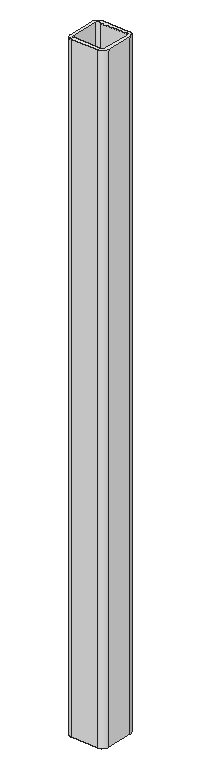
Revit family "M_CEV-Corte da estrutura vazado-Coluna", category Pilares estruturais, Revit 2019
Family settings
  Forma do corte = Não definido
  Material para o comportamento do modelo = Aço
  Exportar sempre como geometria = Não
  Redução da viga na planta = Da caixa de vinculação
  Número OmniClass = 23.25.30.11.14.11
  Título OmniClass = Columns
  ID de item do Seek = HSS-Hollow Structural Section-Column-0000-CAN-ENU
  Corte com vazios quando carregada = Não
  Representação simbólica = Das configurações de projeto
  Compartilhado = Não
  Exibir o pré-corte da família na vista da planta = Sim
Parameters (values of type "HSS152.4X152.4X12.7")
  W = 0.512
  Structural Material [instance] = Aço, 45-345
  Assembly Code = ""
  Ht = 152 mm
  Forma = "Quadrado"
  b = 152 mm
  kr = 2 * t  # 23.6 mm
  t = 11.8 mm
  A = 0.006 m²
Types (2, lengths in mm): name | W | Ht | b | kr | t | A
  HSS152.4X152.4X12.7 | 0.512 | 152 | 152 | 23.6 | 11.8 | 0.006 m²
  HSS203.2X203.2X9.5 | 0.549 | 203 | 203 | 17.8 | 8.9 | 0.00669 m²
Reference planes
  plane 1 "Centro (Frente/Trás)": y = 0
  plane 2: z = 0
  plane 3 "Centro (Esquerda/Direita)": x = 0
  plane 4: x = -76
  plane 5: x = 76
  plane 6: y = 76
  plane 7: y = -76
  plane 8: x = -52.4
  plane 9: y = -52.4
  plane 10: y = 52.4
  plane 11: x = 52.4
Forms (mm)
  Extrusion 1, solid, material "Aço, 45-345" <- "Structural Material", detail levels medium
    sketch origin (0, 0, 0) x (1, 0, 0) y (0, 1, 0)
      loop
        line (-76, 76) -> (-76, -76) -> (76, -76) -> (76, 76) -> (-76, 76)
      loop
        line (-64.2, 64.2) -> (-64.2, -64.2) -> (64.2, -64.2) -> (64.2, 64.2) -> (-64.2, 64.2)
    from 0 to 2500
  Extrusion 2, solid, material "Aço, 45-345" <- "Structural Material", detail levels fine
    sketch origin (0, 0, 0) x (1, 0, 0) y (0, 1, 0)
      loop
        arc (-52.4, 76) -> (-69.088, 69.088) -> (-76, 52.4) r 23.6
        line (-76, 52.4) -> (-76, -52.4)
        arc (-76, -52.4) -> (-69.088, -69.088) -> (-52.4, -76) r 23.6
        line (-52.4, -76) -> (52.4, -76)
        arc (52.4, -76) -> (69.088, -69.088) -> (76, -52.4) r 23.6
        line (76, -52.4) -> (76, 52.4)
        arc (76, 52.4) -> (69.088, 69.088) -> (52.4, 76) r 23.6
        line (52.4, 76) -> (-52.4, 76)
      loop
        arc (-52.4, 64.2) -> (-60.744, 60.744) -> (-64.2, 52.4) r 11.8
        line (-64.2, 52.4) -> (-64.2, -52.4)
        arc (-64.2, -52.4) -> (-60.744, -60.744) -> (-52.4, -64.2) r 11.8
        line (-52.4, -64.2) -> (52.4, -64.2)
        arc (52.4, -64.2) -> (60.744, -60.744) -> (64.2, -52.4) r 11.8
        line (64.2, -52.4) -> (64.2, 52.4)
        arc (64.2, 52.4) -> (60.744, 60.744) -> (52.4, 64.2) r 11.8
        line (52.4, 64.2) -> (-52.4, 64.2)
    from 0 to 2500
Lines and regions (mm)
  symbolic lines, style "StructuralColumnStickSymbols", detail levels coarse
    curve 1: line (-76, 76, 0) -> (76, 76, 0)
    curve 2: line (-76, -76, 0) -> (76, -76, 0)
    curve 5: line (-76, 76, 0) -> (-76, -76, 0)
    curve 6: line (76, 76, 0) -> (76, -76, 0)
  symbolic lines, style "Faces ocultas", detail levels medium+fine
    curve 3: line (-64.2, 0, 0) -> (-64.2, 0, 2500)
    curve 4: line (64.2, 0, 2500) -> (64.2, 0, 0)
    curve 7: line (0, 64.2, 0) -> (0, 64.2, 2500)
    curve 8: line (0, -64.2, 0) -> (0, -64.2, 2500)
Dimensions and locks
  equal spacing: plane 4, plane 3 "Centro (Esquerda/Direita)", plane 5
  equal spacing: plane 7, plane 1 "Centro (Frente/Trás)", plane 6
  "Ht": plane 7 to plane 6
  "b": plane 4 to plane 5
  "t": Extrusion 1 sketch curve to plane 5
  "t": plane 4 to Extrusion 1 sketch curve
  "t": Extrusion 1 sketch curve to plane 6
  "t": Extrusion 1 sketch curve to plane 7
  "t": Extrusion 2 sketch curve to plane 6
  "t": Extrusion 2 sketch curve to plane 5
  "t": plane 4 to Extrusion 2 sketch curve
  "t": Extrusion 2 sketch curve to plane 7
  "kr": plane 10 to plane 6
  "kr": plane 7 to plane 9
  "kr": plane 11 to plane 5
  "kr": plane 4 to plane 8
  aligned and locked: plane 6 to Extrusion 1 sketch curve
  aligned and locked: Extrusion 1 sketch curve to plane 7
  aligned and locked: Extrusion 1 sketch curve to plane 4
  aligned and locked: plane 5 to Extrusion 1 sketch curve
  aligned and locked: level to Extrusion 1
  aligned and locked: level to plane 2
  aligned and locked: Extrusion 1 to plane 2
  aligned and locked: curve 1 to Extrusion 2 sketch curve
  aligned and locked: Extrusion 2 sketch curve to Extrusion 1
  aligned and locked: level to Extrusion 2
  aligned and locked: curve 4 to Extrusion 2
  aligned and locked: curve 3 to Extrusion 2
  aligned and locked: Extrusion 2 to curve 7  (x2)
  aligned and locked: Extrusion 2 to curve 8  (x2)
  aligned and locked: curve 7 to Extrusion 1
  aligned and locked: curve 8 to Extrusion 1
Automatic sketch dimensions
  Extrusion 2 sketch curve to plane 8 = 0 mm  (x4)
  Extrusion 2 sketch curve to plane 7 = 0 mm
  Extrusion 2 sketch curve to plane 11 = 0 mm
  Extrusion 2 sketch curve to plane 10 = 0 mm  (x2)
  Extrusion 2 sketch curve to plane 9 = 0 mm  (x2)
  curve 3 to level = 0 mm  (x2)
  curve 4 to level = 0 mm  (x2)
  curve 5 to plane 4 = 0 mm
  curve 2 to plane 5 = 0 mm
  curve 5 to plane 7 = 0 mm
  curve 5 to plane 6 = 0 mm
Types in the file's own list only (331): name | W | Ht | Forma | b | kr | t | A
  HSS508X304.8X15.9 | 1.86 | 508 mm | "Retângulo" | 305 mm | 30 mm | 15 mm | 0.02 m²
  HSS508X304.8X12.7 | 1.51 | 508 mm | "Retângulo" | 305 mm | 24 mm | 12 mm | 0.02 m²
  HSS508X304.8X9.5 | 1.14 | 508 mm | "Retângulo" | 305 mm | 18 mm | 9 mm | 0.01 m²
  HSS508X304.8X7.9 | 0.961 | 508 mm | "Retângulo" | 305 mm | 15 mm | 7 mm | 0.01 m²
  HSS508X203.2X15.9 | 1.61 | 508 mm | "Retângulo" | 203 mm | 30 mm | 15 mm | 0.02 m²
  HSS508X203.2X12.7 | 1.31 | 508 mm | "Retângulo" | 203 mm | 24 mm | 12 mm | 0.02 m²
  HSS508X203.2X9.5 | 0.996 | 508 mm | "Retângulo" | 203 mm | 18 mm | 9 mm | 0.01 m²
  HSS508X203.2X7.9 | 0.836 | 508 mm | "Retângulo" | 203 mm | 15 mm | 7 mm | 0.01 m²
  HSS508X101.6X12.7 | 1.11 | 508 mm | "Retângulo" | 102 mm | 24 mm | 12 mm | 0.01 m²
  HSS508X101.6X9.5 | 0.847 | 508 mm | "Retângulo" | 102 mm | 18 mm | 9 mm | 0.01 m²
  HSS508X101.6X7.9 | 0.712 | 508 mm | "Retângulo" | 102 mm | 15 mm | 7 mm | 0.01 m²
  HSS457.2X304.8X15.9 | 1.73 | 457 mm | "Retângulo" | 305 mm | 30 mm | 15 mm | 0.02 m²
  HSS457.2X304.8X12.7 | 1.41 | 457 mm | "Retângulo" | 305 mm | 24 mm | 12 mm | 0.02 m²
  HSS457.2X304.8X9.5 | 1.07 | 457 mm | "Retângulo" | 305 mm | 18 mm | 9 mm | 0.01 m²
  HSS457.2X152.4X15.9 | 1.36 | 457 mm | "Retângulo" | 152 mm | 30 mm | 15 mm | 0.02 m²
  HSS457.2X152.4X12.7 | 1.11 | 457 mm | "Retângulo" | 152 mm | 24 mm | 12 mm | 0.01 m²
  HSS457.2X152.4X9.5 | 0.847 | 457 mm | "Retângulo" | 152 mm | 18 mm | 9 mm | 0.01 m²
  HSS457.2X152.4X7.9 | 0.712 | 457 mm | "Retângulo" | 152 mm | 15 mm | 7 mm | 0.01 m²
  HSS457.2X152.4X6.4 | 0.575 | 457 mm | "Retângulo" | 152 mm | 12 mm | 6 mm | 0.01 m²
  HSS406.4X406.4X15.9 | 1.86 | 406 mm | "Quadrado" | 406 mm | 30 mm | 15 mm | 0.02 m²
  HSS406.4X406.4X12.7 | 1.51 | 406 mm | "Quadrado" | 406 mm | 24 mm | 12 mm | 0.02 m²
  HSS406.4X406.4X9.5 | 1.14 | 406 mm | "Quadrado" | 406 mm | 18 mm | 9 mm | 0.01 m²
  HSS406.4X406.4X7.9 | 0.961 | 406 mm | "Quadrado" | 406 mm | 15 mm | 7 mm | 0.01 m²
  HSS406.4X304.8X15.9 | 1.61 | 406 mm | "Retângulo" | 305 mm | 30 mm | 15 mm | 0.02 m²
  HSS406.4X304.8X12.7 | 1.31 | 406 mm | "Retângulo" | 305 mm | 24 mm | 12 mm | 0.02 m²
  HSS406.4X304.8X9.5 | 0.996 | 406 mm | "Retângulo" | 305 mm | 18 mm | 9 mm | 0.01 m²
  HSS406.4X304.8X7.9 | 0.836 | 406 mm | "Retângulo" | 305 mm | 15 mm | 7 mm | 0.01 m²
  HSS406.4X203.2X15.9 | 1.36 | 406 mm | "Retângulo" | 203 mm | 30 mm | 15 mm | 0.02 m²
  HSS406.4X203.2X12.7 | 1.11 | 406 mm | "Retângulo" | 203 mm | 24 mm | 12 mm | 0.01 m²
  HSS406.4X203.2X9.5 | 0.847 | 406 mm | "Retângulo" | 203 mm | 18 mm | 9 mm | 0.01 m²
  HSS406.4X203.2X7.9 | 0.712 | 406 mm | "Retângulo" | 203 mm | 15 mm | 7 mm | 0.01 m²
  HSS406.4X101.6X12.7 | 0.91 | 406 mm | "Retângulo" | 102 mm | 24 mm | 12 mm | 0.01 m²
  HSS406.4X101.6X9.5 | 0.698 | 406 mm | "Retângulo" | 102 mm | 18 mm | 9 mm | 0.01 m²
  HSS406.4X101.6X7.9 | 0.588 | 406 mm | "Retângulo" | 102 mm | 15 mm | 7 mm | 0.01 m²
  HSS355.6X355.6X15.9 | 1.61 | 356 mm | "Quadrado" | 356 mm | 30 mm | 15 mm | 0.02 m²
  HSS355.6X355.6X12.7 | 1.31 | 356 mm | "Quadrado" | 356 mm | 24 mm | 12 mm | 0.02 m²
  HSS355.6X355.6X9.5 | 0.996 | 356 mm | "Quadrado" | 356 mm | 18 mm | 9 mm | 0.01 m²
  HSS355.6X355.6X7.9 | 0.836 | 356 mm | "Quadrado" | 356 mm | 15 mm | 7 mm | 0.01 m²
  HSS355.6X304.8X12.7 | 1.21 | 356 mm | "Retângulo" | 305 mm | 24 mm | 12 mm | 0.01 m²
  HSS355.6X304.8X9.5 | 0.921 | 356 mm | "Retângulo" | 305 mm | 18 mm | 9 mm | 0.01 m²
  HSS355.6X254X15.9 | 1.36 | 356 mm | "Retângulo" | 254 mm | 30 mm | 15 mm | 0.02 m²
  HSS355.6X254X12.7 | 1.11 | 356 mm | "Retângulo" | 254 mm | 24 mm | 12 mm | 0.01 m²
  HSS355.6X254X9.5 | 0.847 | 356 mm | "Retângulo" | 254 mm | 18 mm | 9 mm | 0.01 m²
  HSS355.6X254X7.9 | 0.712 | 356 mm | "Retângulo" | 254 mm | 15 mm | 7 mm | 0.01 m²
  HSS355.6X254X6.4 | 0.575 | 356 mm | "Retângulo" | 254 mm | 12 mm | 6 mm | 0.01 m²
  HSS355.6X152.4X15.9 | 1.11 | 356 mm | "Retângulo" | 152 mm | 30 mm | 15 mm | 0.01 m²
  HSS355.6X152.4X12.7 | 0.91 | 356 mm | "Retângulo" | 152 mm | 24 mm | 12 mm | 0.01 m²
  HSS355.6X152.4X9.5 | 0.698 | 356 mm | "Retângulo" | 152 mm | 18 mm | 9 mm | 0.01 m²
  HSS355.6X152.4X7.9 | 0.588 | 356 mm | "Retângulo" | 152 mm | 15 mm | 7 mm | 0.01 m²
  HSS355.6X152.4X6.4 | 0.476 | 356 mm | "Retângulo" | 152 mm | 12 mm | 6 mm | 0.01 m²
  HSS355.6X152.4X4.8 | 0.361 | 356 mm | "Retângulo" | 152 mm | 9 mm | 4 mm | 0.00 m²
  HSS355.6X101.6X15.9 | 0.987 | 356 mm | "Retângulo" | 102 mm | 30 mm | 15 mm | 0.01 m²
  HSS355.6X101.6X12.7 | 0.81 | 356 mm | "Retângulo" | 102 mm | 24 mm | 12 mm | 0.01 m²
  HSS355.6X101.6X9.5 | 0.623 | 356 mm | "Retângulo" | 102 mm | 18 mm | 9 mm | 0.01 m²
  HSS355.6X101.6X7.9 | 0.526 | 356 mm | "Retângulo" | 102 mm | 15 mm | 7 mm | 0.01 m²
  HSS355.6X101.6X6.4 | 0.426 | 356 mm | "Retângulo" | 102 mm | 12 mm | 6 mm | 0.01 m²
  HSS355.6X101.6X4.8 | 0.323 | 356 mm | "Retângulo" | 102 mm | 9 mm | 4 mm | 0.00 m²
  HSS304.8X304.8X15.9 | 1.36 | 305 mm | "Quadrado" | 305 mm | 30 mm | 15 mm | 0.02 m²
  HSS304.8X304.8X12.7 | 1.11 | 305 mm | "Quadrado" | 305 mm | 24 mm | 12 mm | 0.01 m²
  HSS304.8X304.8X9.5 | 0.847 | 305 mm | "Quadrado" | 305 mm | 18 mm | 9 mm | 0.01 m²
  HSS304.8X304.8X7.9 | 0.712 | 305 mm | "Quadrado" | 305 mm | 15 mm | 7 mm | 0.01 m²
  HSS304.8X304.8X6.4 | 0.575 | 305 mm | "Quadrado" | 305 mm | 12 mm | 6 mm | 0.01 m²
  HSS304.8X254X12.7 | 1.01 | 305 mm | "Retângulo" | 254 mm | 24 mm | 12 mm | 0.01 m²
  HSS304.8X254X9.5 | 0.772 | 305 mm | "Retângulo" | 254 mm | 18 mm | 9 mm | 0.01 m²
  HSS304.8X254X7.9 | 0.65 | 305 mm | "Retângulo" | 254 mm | 15 mm | 7 mm | 0.01 m²
  HSS304.8X254X6.4 | 0.525 | 305 mm | "Retângulo" | 254 mm | 12 mm | 6 mm | 0.01 m²
  HSS304.8X203.2X15.9 | 1.11 | 305 mm | "Retângulo" | 203 mm | 30 mm | 15 mm | 0.01 m²
  HSS304.8X203.2X12.7 | 0.91 | 305 mm | "Retângulo" | 203 mm | 24 mm | 12 mm | 0.01 m²
  HSS304.8X203.2X9.5 | 0.698 | 305 mm | "Retângulo" | 203 mm | 18 mm | 9 mm | 0.01 m²
  HSS304.8X203.2X7.9 | 0.588 | 305 mm | "Retângulo" | 203 mm | 15 mm | 7 mm | 0.01 m²
  HSS304.8X203.2X6.4 | 0.476 | 305 mm | "Retângulo" | 203 mm | 12 mm | 6 mm | 0.01 m²
  HSS304.8X203.2X4.8 | 0.361 | 305 mm | "Retângulo" | 203 mm | 9 mm | 4 mm | 0.00 m²
  HSS304.8X152.4X15.9 | 0.987 | 305 mm | "Retângulo" | 152 mm | 30 mm | 15 mm | 0.01 m²
  HSS304.8X152.4X12.7 | 0.81 | 305 mm | "Retângulo" | 152 mm | 24 mm | 12 mm | 0.01 m²
  HSS304.8X152.4X9.5 | 0.623 | 305 mm | "Retângulo" | 152 mm | 18 mm | 9 mm | 0.01 m²
  HSS304.8X152.4X7.9 | 0.526 | 305 mm | "Retângulo" | 152 mm | 15 mm | 7 mm | 0.01 m²
  HSS304.8X152.4X6.4 | 0.426 | 305 mm | "Retângulo" | 152 mm | 12 mm | 6 mm | 0.01 m²
  HSS304.8X152.4X4.8 | 0.323 | 305 mm | "Retângulo" | 152 mm | 9 mm | 4 mm | 0.00 m²
  HSS304.8X101.6X15.9 | 0.863 | 305 mm | "Retângulo" | 102 mm | 30 mm | 15 mm | 0.01 m²
  HSS304.8X101.6X12.7 | 0.711 | 305 mm | "Retângulo" | 102 mm | 24 mm | 12 mm | 0.01 m²
  HSS304.8X101.6X9.5 | 0.549 | 305 mm | "Retângulo" | 102 mm | 18 mm | 9 mm | 0.01 m²
  HSS304.8X101.6X7.9 | 0.464 | 305 mm | "Retângulo" | 102 mm | 15 mm | 7 mm | 0.01 m²
  HSS304.8X101.6X6.4 | 0.376 | 305 mm | "Retângulo" | 102 mm | 12 mm | 6 mm | 0.00 m²
  HSS304.8X101.6X4.8 | 0.286 | 305 mm | "Retângulo" | 102 mm | 9 mm | 4 mm | 0.00 m²
  HSS304.8X88.9X9.5 | 0.53 | 305 mm | "Retângulo" | 89 mm | 18 mm | 9 mm | 0.01 m²
  HSS304.8X88.9X7.9 | 0.448 | 305 mm | "Retângulo" | 89 mm | 15 mm | 7 mm | 0.01 m²
  HSS304.8X76.2X7.9 | 0.433 | 305 mm | "Retângulo" | 76 mm | 15 mm | 7 mm | 0.01 m²
  HSS304.8X76.2X6.4 | 0.352 | 305 mm | "Retângulo" | 76 mm | 12 mm | 6 mm | 0.00 m²
  HSS304.8X76.2X4.8 | 0.268 | 305 mm | "Retângulo" | 76 mm | 9 mm | 4 mm | 0.00 m²
  HSS304.8X50.8X6.4 | 0.327 | 305 mm | "Retângulo" | 51 mm | 12 mm | 6 mm | 0.00 m²
  HSS304.8X50.8X4.8 | 0.249 | 305 mm | "Retângulo" | 51 mm | 9 mm | 4 mm | 0.00 m²
  HSS254X254X15.9 | 1.11 | 254 mm | "Quadrado" | 254 mm | 30 mm | 15 mm | 0.01 m²
  HSS254X254X12.7 | 0.91 | 254 mm | "Quadrado" | 254 mm | 24 mm | 12 mm | 0.01 m²
  HSS254X254X9.5 | 0.698 | 254 mm | "Quadrado" | 254 mm | 18 mm | 9 mm | 0.01 m²
  HSS254X254X7.9 | 0.588 | 254 mm | "Quadrado" | 254 mm | 15 mm | 7 mm | 0.01 m²
  HSS254X254X6.4 | 0.476 | 254 mm | "Quadrado" | 254 mm | 12 mm | 6 mm | 0.01 m²
  HSS254X254X4.8 | 0.361 | 254 mm | "Quadrado" | 254 mm | 9 mm | 4 mm | 0.00 m²
  HSS254X203.2X12.7 | 0.81 | 254 mm | "Retângulo" | 203 mm | 24 mm | 12 mm | 0.01 m²
  HSS254X203.2X9.5 | 0.623 | 254 mm | "Retângulo" | 203 mm | 18 mm | 9 mm | 0.01 m²
  HSS254X203.2X7.9 | 0.526 | 254 mm | "Retângulo" | 203 mm | 15 mm | 7 mm | 0.01 m²
  HSS254X203.2X6.4 | 0.426 | 254 mm | "Retângulo" | 203 mm | 12 mm | 6 mm | 0.01 m²
  HSS254X203.2X4.8 | 0.323 | 254 mm | "Retângulo" | 203 mm | 9 mm | 4 mm | 0.00 m²
  HSS254X152.4X15.9 | 0.863 | 254 mm | "Retângulo" | 152 mm | 30 mm | 15 mm | 0.01 m²
  HSS254X152.4X12.7 | 0.711 | 254 mm | "Retângulo" | 152 mm | 24 mm | 12 mm | 0.01 m²
  HSS254X152.4X9.5 | 0.549 | 254 mm | "Retângulo" | 152 mm | 18 mm | 9 mm | 0.01 m²
  HSS254X152.4X7.9 | 0.464 | 254 mm | "Retângulo" | 152 mm | 15 mm | 7 mm | 0.01 m²
  HSS254X152.4X6.4 | 0.376 | 254 mm | "Retângulo" | 152 mm | 12 mm | 6 mm | 0.00 m²
  HSS254X152.4X4.8 | 0.286 | 254 mm | "Retângulo" | 152 mm | 9 mm | 4 mm | 0.00 m²
  HSS254X127X9.5 | 0.512 | 254 mm | "Retângulo" | 127 mm | 18 mm | 9 mm | 0.01 m²
  HSS254X127X7.9 | 0.433 | 254 mm | "Retângulo" | 127 mm | 15 mm | 7 mm | 0.01 m²
  HSS254X127X6.4 | 0.352 | 254 mm | "Retângulo" | 127 mm | 12 mm | 6 mm | 0.00 m²
  HSS254X127X4.8 | 0.268 | 254 mm | "Retângulo" | 127 mm | 9 mm | 4 mm | 0.00 m²
  HSS254X101.6X15.9 | 0.738 | 254 mm | "Retângulo" | 102 mm | 30 mm | 15 mm | 0.01 m²
  HSS254X101.6X12.7 | 0.612 | 254 mm | "Retângulo" | 102 mm | 24 mm | 12 mm | 0.01 m²
  HSS254X101.6X9.5 | 0.474 | 254 mm | "Retângulo" | 102 mm | 18 mm | 9 mm | 0.01 m²
  HSS254X101.6X7.9 | 0.402 | 254 mm | "Retângulo" | 102 mm | 15 mm | 7 mm | 0.00 m²
  HSS254X101.6X6.4 | 0.327 | 254 mm | "Retângulo" | 102 mm | 12 mm | 6 mm | 0.00 m²
  HSS254X101.6X4.8 | 0.249 | 254 mm | "Retângulo" | 102 mm | 9 mm | 4 mm | 0.00 m²
  HSS254X88.9X4.8 | 0.24 | 254 mm | "Retângulo" | 89 mm | 9 mm | 4 mm | 0.00 m²
  HSS254X76.2X9.5 | 0.437 | 254 mm | "Retângulo" | 76 mm | 18 mm | 9 mm | 0.01 m²
  HSS254X76.2X7.9 | 0.371 | 254 mm | "Retângulo" | 76 mm | 15 mm | 7 mm | 0.00 m²
  HSS254X76.2X6.4 | 0.302 | 254 mm | "Retângulo" | 76 mm | 12 mm | 6 mm | 0.00 m²
  HSS254X76.2X4.8 | 0.23 | 254 mm | "Retângulo" | 76 mm | 9 mm | 4 mm | 0.00 m²
  HSS254X76.2X3.2 | 0.156 | 254 mm | "Retângulo" | 76 mm | 6 mm | 3 mm | 0.00 m²
  HSS254X50.8X9.5 | 0.4 | 254 mm | "Retângulo" | 51 mm | 18 mm | 9 mm | 0.00 m²
  HSS254X50.8X7.9 | 0.34 | 254 mm | "Retângulo" | 51 mm | 15 mm | 7 mm | 0.00 m²
  HSS254X50.8X6.4 | 0.277 | 254 mm | "Retângulo" | 51 mm | 12 mm | 6 mm | 0.00 m²
  HSS254X50.8X4.8 | 0.212 | 254 mm | "Retângulo" | 51 mm | 9 mm | 4 mm | 0.00 m²
  HSS228.6X177.8X15.9 | 0.863 | 229 mm | "Retângulo" | 178 mm | 30 mm | 15 mm | 0.01 m²
  HSS228.6X177.8X12.7 | 0.711 | 229 mm | "Retângulo" | 178 mm | 24 mm | 12 mm | 0.01 m²
  HSS228.6X177.8X9.5 | 0.549 | 229 mm | "Retângulo" | 178 mm | 18 mm | 9 mm | 0.01 m²
  HSS228.6X177.8X7.9 | 0.464 | 229 mm | "Retângulo" | 178 mm | 15 mm | 7 mm | 0.01 m²
  HSS228.6X177.8X6.4 | 0.376 | 229 mm | "Retângulo" | 178 mm | 12 mm | 6 mm | 0.00 m²
  HSS228.6X177.8X4.8 | 0.286 | 229 mm | "Retângulo" | 178 mm | 9 mm | 4 mm | 0.00 m²
  HSS228.6X127X15.9 | 0.738 | 229 mm | "Retângulo" | 127 mm | 30 mm | 15 mm | 0.01 m²
  HSS228.6X127X12.7 | 0.612 | 229 mm | "Retângulo" | 127 mm | 24 mm | 12 mm | 0.01 m²
  HSS228.6X127X9.5 | 0.474 | 229 mm | "Retângulo" | 127 mm | 18 mm | 9 mm | 0.01 m²
  HSS228.6X127X7.9 | 0.402 | 229 mm | "Retângulo" | 127 mm | 15 mm | 7 mm | 0.00 m²
  HSS228.6X127X6.4 | 0.327 | 229 mm | "Retângulo" | 127 mm | 12 mm | 6 mm | 0.00 m²
  HSS228.6X127X4.8 | 0.249 | 229 mm | "Retângulo" | 127 mm | 9 mm | 4 mm | 0.00 m²
  HSS228.6X76.2X12.7 | 0.512 | 229 mm | "Retângulo" | 76 mm | 24 mm | 12 mm | 0.01 m²
  HSS228.6X76.2X9.5 | 0.4 | 229 mm | "Retângulo" | 76 mm | 18 mm | 9 mm | 0.00 m²
  HSS228.6X76.2X7.9 | 0.34 | 229 mm | "Retângulo" | 76 mm | 15 mm | 7 mm | 0.00 m²
  HSS228.6X76.2X6.4 | 0.277 | 229 mm | "Retângulo" | 76 mm | 12 mm | 6 mm | 0.00 m²
  HSS228.6X76.2X4.8 | 0.212 | 229 mm | "Retângulo" | 76 mm | 9 mm | 4 mm | 0.00 m²
  HSS203.2X203.2X15.9 | 0.863 | 203 mm | "Quadrado" | 203 mm | 30 mm | 15 mm | 0.01 m²
  HSS203.2X203.2X12.7 | 0.711 | 203 mm | "Quadrado" | 203 mm | 24 mm | 12 mm | 0.01 m²
  HSS203.2X203.2X7.9 | 0.464 | 203 mm | "Quadrado" | 203 mm | 15 mm | 7 mm | 0.01 m²
  HSS203.2X203.2X6.4 | 0.376 | 203 mm | "Quadrado" | 203 mm | 12 mm | 6 mm | 0.00 m²
  HSS203.2X203.2X4.8 | 0.286 | 203 mm | "Quadrado" | 203 mm | 9 mm | 4 mm | 0.00 m²
  HSS203.2X152.4X15.9 | 0.738 | 203 mm | "Retângulo" | 152 mm | 30 mm | 15 mm | 0.01 m²
  HSS203.2X152.4X12.7 | 0.612 | 203 mm | "Retângulo" | 152 mm | 24 mm | 12 mm | 0.01 m²
  HSS203.2X152.4X9.5 | 0.474 | 203 mm | "Retângulo" | 152 mm | 18 mm | 9 mm | 0.01 m²
  HSS203.2X152.4X7.9 | 0.402 | 203 mm | "Retângulo" | 152 mm | 15 mm | 7 mm | 0.00 m²
  HSS203.2X152.4X6.4 | 0.327 | 203 mm | "Retângulo" | 152 mm | 12 mm | 6 mm | 0.00 m²
  HSS203.2X152.4X4.8 | 0.249 | 203 mm | "Retângulo" | 152 mm | 9 mm | 4 mm | 0.00 m²
  HSS203.2X101.6X15.9 | 0.614 | 203 mm | "Retângulo" | 102 mm | 30 mm | 15 mm | 0.01 m²
  HSS203.2X101.6X12.7 | 0.512 | 203 mm | "Retângulo" | 102 mm | 24 mm | 12 mm | 0.01 m²
  HSS203.2X101.6X9.5 | 0.4 | 203 mm | "Retângulo" | 102 mm | 18 mm | 9 mm | 0.00 m²
  HSS203.2X101.6X7.9 | 0.34 | 203 mm | "Retângulo" | 102 mm | 15 mm | 7 mm | 0.00 m²
  HSS203.2X101.6X6.4 | 0.277 | 203 mm | "Retângulo" | 102 mm | 12 mm | 6 mm | 0.00 m²
  HSS203.2X101.6X4.8 | 0.212 | 203 mm | "Retângulo" | 102 mm | 9 mm | 4 mm | 0.00 m²
  HSS203.2X101.6X3.2 | 0.144 | 203 mm | "Retângulo" | 102 mm | 6 mm | 3 mm | 0.00 m²
  HSS203.2X76.2X12.7 | 0.463 | 203 mm | "Retângulo" | 76 mm | 24 mm | 12 mm | 0.01 m²
  HSS203.2X76.2X9.5 | 0.363 | 203 mm | "Retângulo" | 76 mm | 18 mm | 9 mm | 0.00 m²
  HSS203.2X76.2X7.9 | 0.309 | 203 mm | "Retângulo" | 76 mm | 15 mm | 7 mm | 0.00 m²
  HSS203.2X76.2X6.4 | 0.252 | 203 mm | "Retângulo" | 76 mm | 12 mm | 6 mm | 0.00 m²
  HSS203.2X76.2X4.8 | 0.193 | 203 mm | "Retângulo" | 76 mm | 9 mm | 4 mm | 0.00 m²
  HSS203.2X76.2X3.2 | 0.131 | 203 mm | "Retângulo" | 76 mm | 6 mm | 3 mm | 0.00 m²
  HSS203.2X50.8X9.5 | 0.325 | 203 mm | "Retângulo" | 51 mm | 18 mm | 9 mm | 0.00 m²
  HSS203.2X50.8X7.9 | 0.278 | 203 mm | "Retângulo" | 51 mm | 15 mm | 7 mm | 0.00 m²
  HSS203.2X50.8X6.4 | 0.227 | 203 mm | "Retângulo" | 51 mm | 12 mm | 6 mm | 0.00 m²
  HSS203.2X50.8X4.8 | 0.174 | 203 mm | "Retângulo" | 51 mm | 9 mm | 4 mm | 0.00 m²
  HSS203.2X50.8X3.2 | 0.119 | 203 mm | "Retângulo" | 51 mm | 6 mm | 3 mm | 0.00 m²
  HSS177.8X177.8X15.9 | 0.738 | 178 mm | "Quadrado" | 178 mm | 30 mm | 15 mm | 0.01 m²
  HSS177.8X177.8X12.7 | 0.612 | 178 mm | "Quadrado" | 178 mm | 24 mm | 12 mm | 0.01 m²
  HSS177.8X177.8X9.5 | 0.474 | 178 mm | "Quadrado" | 178 mm | 18 mm | 9 mm | 0.01 m²
  HSS177.8X177.8X7.9 | 0.402 | 178 mm | "Quadrado" | 178 mm | 15 mm | 7 mm | 0.00 m²
  HSS177.8X177.8X6.4 | 0.327 | 178 mm | "Quadrado" | 178 mm | 12 mm | 6 mm | 0.00 m²
  HSS177.8X177.8X4.8 | 0.249 | 178 mm | "Quadrado" | 178 mm | 9 mm | 4 mm | 0.00 m²
  HSS177.8X127X15.9 | 0.614 | 178 mm | "Retângulo" | 127 mm | 30 mm | 15 mm | 0.01 m²
  HSS177.8X127X12.7 | 0.512 | 178 mm | "Retângulo" | 127 mm | 24 mm | 12 mm | 0.01 m²
  HSS177.8X127X9.5 | 0.4 | 178 mm | "Retângulo" | 127 mm | 18 mm | 9 mm | 0.00 m²
  HSS177.8X127X7.9 | 0.34 | 178 mm | "Retângulo" | 127 mm | 15 mm | 7 mm | 0.00 m²
  HSS177.8X127X6.4 | 0.277 | 178 mm | "Retângulo" | 127 mm | 12 mm | 6 mm | 0.00 m²
  HSS177.8X127X4.8 | 0.212 | 178 mm | "Retângulo" | 127 mm | 9 mm | 4 mm | 0.00 m²
  HSS177.8X127X3.2 | 0.144 | 178 mm | "Retângulo" | 127 mm | 6 mm | 3 mm | 0.00 m²
  HSS177.8X101.6X12.7 | 0.463 | 178 mm | "Retângulo" | 102 mm | 24 mm | 12 mm | 0.01 m²
  HSS177.8X101.6X9.5 | 0.363 | 178 mm | "Retângulo" | 102 mm | 18 mm | 9 mm | 0.00 m²
  HSS177.8X101.6X7.9 | 0.309 | 178 mm | "Retângulo" | 102 mm | 15 mm | 7 mm | 0.00 m²
  HSS177.8X101.6X6.4 | 0.252 | 178 mm | "Retângulo" | 102 mm | 12 mm | 6 mm | 0.00 m²
  HSS177.8X101.6X4.8 | 0.193 | 178 mm | "Retângulo" | 102 mm | 9 mm | 4 mm | 0.00 m²
  HSS177.8X101.6X3.2 | 0.131 | 178 mm | "Retângulo" | 102 mm | 6 mm | 3 mm | 0.00 m²
  HSS177.8X76.2X12.7 | 0.413 | 178 mm | "Retângulo" | 76 mm | 24 mm | 12 mm | 0.01 m²
  HSS177.8X76.2X9.5 | 0.325 | 178 mm | "Retângulo" | 76 mm | 18 mm | 9 mm | 0.00 m²
  HSS177.8X76.2X7.9 | 0.278 | 178 mm | "Retângulo" | 76 mm | 15 mm | 7 mm | 0.00 m²
  HSS177.8X76.2X6.4 | 0.227 | 178 mm | "Retângulo" | 76 mm | 12 mm | 6 mm | 0.00 m²
  HSS177.8X76.2X4.8 | 0.174 | 178 mm | "Retângulo" | 76 mm | 9 mm | 4 mm | 0.00 m²
  HSS177.8X76.2X3.2 | 0.119 | 178 mm | "Retângulo" | 76 mm | 6 mm | 3 mm | 0.00 m²
  HSS152.4X152.4X15.9 | 0.614 | 152 mm | "Quadrado" | 152 mm | 30 mm | 15 mm | 0.01 m²
  HSS152.4X152.4X9.5 | 0.4 | 152 mm | "Quadrado" | 152 mm | 18 mm | 9 mm | 0.00 m²
  HSS152.4X152.4X7.9 | 0.34 | 152 mm | "Quadrado" | 152 mm | 15 mm | 7 mm | 0.00 m²
  HSS152.4X152.4X6.4 | 0.277 | 152 mm | "Quadrado" | 152 mm | 12 mm | 6 mm | 0.00 m²
  HSS152.4X152.4X4.8 | 0.212 | 152 mm | "Quadrado" | 152 mm | 9 mm | 4 mm | 0.00 m²
  HSS152.4X152.4X3.2 | 0.144 | 152 mm | "Quadrado" | 152 mm | 6 mm | 3 mm | 0.00 m²
  HSS152.4X127X9.5 | 0.363 | 152 mm | "Retângulo" | 127 mm | 18 mm | 9 mm | 0.00 m²
  HSS152.4X127X7.9 | 0.309 | 152 mm | "Retângulo" | 127 mm | 15 mm | 7 mm | 0.00 m²
  HSS152.4X127X6.4 | 0.252 | 152 mm | "Retângulo" | 127 mm | 12 mm | 6 mm | 0.00 m²
  HSS152.4X127X4.8 | 0.193 | 152 mm | "Retângulo" | 127 mm | 9 mm | 4 mm | 0.00 m²
  HSS152.4X101.6X12.7 | 0.413 | 152 mm | "Retângulo" | 102 mm | 24 mm | 12 mm | 0.01 m²
  HSS152.4X101.6X9.5 | 0.325 | 152 mm | "Retângulo" | 102 mm | 18 mm | 9 mm | 0.00 m²
  HSS152.4X101.6X7.9 | 0.278 | 152 mm | "Retângulo" | 102 mm | 15 mm | 7 mm | 0.00 m²
  HSS152.4X101.6X6.4 | 0.227 | 152 mm | "Retângulo" | 102 mm | 12 mm | 6 mm | 0.00 m²
  HSS152.4X101.6X4.8 | 0.174 | 152 mm | "Retângulo" | 102 mm | 9 mm | 4 mm | 0.00 m²
  HSS152.4X101.6X3.2 | 0.119 | 152 mm | "Retângulo" | 102 mm | 6 mm | 3 mm | 0.00 m²
  HSS152.4X76.2X12.7 | 0.363 | 152 mm | "Retângulo" | 76 mm | 24 mm | 12 mm | 0.00 m²
  HSS152.4X76.2X9.5 | 0.288 | 152 mm | "Retângulo" | 76 mm | 18 mm | 9 mm | 0.00 m²
  HSS152.4X76.2X7.9 | 0.247 | 152 mm | "Retângulo" | 76 mm | 15 mm | 7 mm | 0.00 m²
  HSS152.4X76.2X6.4 | 0.203 | 152 mm | "Retângulo" | 76 mm | 12 mm | 6 mm | 0.00 m²
  HSS152.4X76.2X4.8 | 0.156 | 152 mm | "Retângulo" | 76 mm | 9 mm | 4 mm | 0.00 m²
  HSS152.4X76.2X3.2 | 0.107 | 152 mm | "Retângulo" | 76 mm | 6 mm | 3 mm | 0.00 m²
  HSS152.4X50.8X9.5 | 0.251 | 152 mm | "Retângulo" | 51 mm | 18 mm | 9 mm | 0.00 m²
  HSS152.4X50.8X7.9 | 0.216 | 152 mm | "Retângulo" | 51 mm | 15 mm | 7 mm | 0.00 m²
  HSS152.4X50.8X6.4 | 0.178 | 152 mm | "Retângulo" | 51 mm | 12 mm | 6 mm | 0.00 m²
  HSS152.4X50.8X4.8 | 0.137 | 152 mm | "Retângulo" | 51 mm | 9 mm | 4 mm | 0.00 m²
  HSS152.4X50.8X3.2 | 0.0941 | 152 mm | "Retângulo" | 51 mm | 6 mm | 3 mm | 0.00 m²
  HSS139.7X139.7X9.5 | 0.363 | 140 mm | "Quadrado" | 140 mm | 18 mm | 9 mm | 0.00 m²
  HSS139.7X139.7X7.9 | 0.309 | 140 mm | "Quadrado" | 140 mm | 15 mm | 7 mm | 0.00 m²
  HSS139.7X139.7X6.4 | 0.252 | 140 mm | "Quadrado" | 140 mm | 12 mm | 6 mm | 0.00 m²
  HSS139.7X139.7X4.8 | 0.193 | 140 mm | "Quadrado" | 140 mm | 9 mm | 4 mm | 0.00 m²
  HSS139.7X139.7X3.2 | 0.131 | 140 mm | "Quadrado" | 140 mm | 6 mm | 3 mm | 0.00 m²
  HSS127X127X12.7 | 0.413 | 127 mm | "Quadrado" | 127 mm | 24 mm | 12 mm | 0.01 m²
  HSS127X127X9.5 | 0.325 | 127 mm | "Quadrado" | 127 mm | 18 mm | 9 mm | 0.00 m²
  HSS127X127X7.9 | 0.278 | 127 mm | "Quadrado" | 127 mm | 15 mm | 7 mm | 0.00 m²
  HSS127X127X6.4 | 0.227 | 127 mm | "Quadrado" | 127 mm | 12 mm | 6 mm | 0.00 m²
  HSS127X127X4.8 | 0.174 | 127 mm | "Quadrado" | 127 mm | 9 mm | 4 mm | 0.00 m²
  HSS127X127X3.2 | 0.119 | 127 mm | "Quadrado" | 127 mm | 6 mm | 3 mm | 0.00 m²
  HSS127X101.6X12.7 | 0.363 | 127 mm | "Retângulo" | 102 mm | 24 mm | 12 mm | 0.00 m²
  HSS127X101.6X9.5 | 0.288 | 127 mm | "Retângulo" | 102 mm | 18 mm | 9 mm | 0.00 m²
  HSS127X101.6X7.9 | 0.247 | 127 mm | "Retângulo" | 102 mm | 15 mm | 7 mm | 0.00 m²
  HSS127X101.6X6.4 | 0.203 | 127 mm | "Retângulo" | 102 mm | 12 mm | 6 mm | 0.00 m²
  HSS127X101.6X4.8 | 0.156 | 127 mm | "Retângulo" | 102 mm | 9 mm | 4 mm | 0.00 m²
  HSS127X76.2X12.7 | 0.314 | 127 mm | "Retângulo" | 76 mm | 24 mm | 12 mm | 0.00 m²
  HSS127X76.2X9.5 | 0.251 | 127 mm | "Retângulo" | 76 mm | 18 mm | 9 mm | 0.00 m²
  HSS127X76.2X7.9 | 0.216 | 127 mm | "Retângulo" | 76 mm | 15 mm | 7 mm | 0.00 m²
  HSS127X76.2X6.4 | 0.178 | 127 mm | "Retângulo" | 76 mm | 12 mm | 6 mm | 0.00 m²
  HSS127X76.2X4.8 | 0.137 | 127 mm | "Retângulo" | 76 mm | 9 mm | 4 mm | 0.00 m²
  HSS127X76.2X3.2 | 0.0941 | 127 mm | "Retângulo" | 76 mm | 6 mm | 3 mm | 0.00 m²
  HSS127X63.5X6.4 | 0.165 | 127 mm | "Retângulo" | 64 mm | 12 mm | 6 mm | 0.00 m²
  HSS127X63.5X4.8 | 0.128 | 127 mm | "Retângulo" | 64 mm | 9 mm | 4 mm | 0.00 m²
  HSS127X63.5X3.2 | 0.0879 | 127 mm | "Retângulo" | 64 mm | 6 mm | 3 mm | 0.00 m²
  HSS127X50.8X9.5 | 0.214 | 127 mm | "Retângulo" | 51 mm | 18 mm | 9 mm | 0.00 m²
  HSS127X50.8X7.9 | 0.185 | 127 mm | "Retângulo" | 51 mm | 15 mm | 7 mm | 0.00 m²
  HSS127X50.8X6.4 | 0.153 | 127 mm | "Retângulo" | 51 mm | 12 mm | 6 mm | 0.00 m²
  HSS127X50.8X4.8 | 0.119 | 127 mm | "Retângulo" | 51 mm | 9 mm | 4 mm | 0.00 m²
  HSS127X50.8X3.2 | 0.0817 | 127 mm | "Retângulo" | 51 mm | 6 mm | 3 mm | 0.00 m²
  HSS114.3X114.3X12.7 | 0.363 | 114 mm | "Quadrado" | 114 mm | 24 mm | 12 mm | 0.00 m²
  HSS114.3X114.3X9.5 | 0.288 | 114 mm | "Quadrado" | 114 mm | 18 mm | 9 mm | 0.00 m²
  HSS114.3X114.3X7.9 | 0.247 | 114 mm | "Quadrado" | 114 mm | 15 mm | 7 mm | 0.00 m²
  HSS114.3X114.3X6.4 | 0.203 | 114 mm | "Quadrado" | 114 mm | 12 mm | 6 mm | 0.00 m²
  HSS114.3X114.3X4.8 | 0.156 | 114 mm | "Quadrado" | 114 mm | 9 mm | 4 mm | 0.00 m²
  HSS114.3X114.3X3.2 | 0.107 | 114 mm | "Quadrado" | 114 mm | 6 mm | 3 mm | 0.00 m²
  HSS101.6X101.6X12.7 | 0.314 | 102 mm | "Quadrado" | 102 mm | 24 mm | 12 mm | 0.00 m²
  HSS101.6X101.6X9.5 | 0.251 | 102 mm | "Quadrado" | 102 mm | 18 mm | 9 mm | 0.00 m²
  HSS101.6X101.6X7.9 | 0.216 | 102 mm | "Quadrado" | 102 mm | 15 mm | 7 mm | 0.00 m²
  HSS101.6X101.6X6.4 | 0.178 | 102 mm | "Quadrado" | 102 mm | 12 mm | 6 mm | 0.00 m²
  HSS101.6X101.6X4.8 | 0.137 | 102 mm | "Quadrado" | 102 mm | 9 mm | 4 mm | 0.00 m²
  HSS101.6X101.6X3.2 | 0.0941 | 102 mm | "Quadrado" | 102 mm | 6 mm | 3 mm | 0.00 m²
  HSS101.6X76.2X9.5 | 0.214 | 102 mm | "Retângulo" | 76 mm | 18 mm | 9 mm | 0.00 m²
  HSS101.6X76.2X7.9 | 0.185 | 102 mm | "Retângulo" | 76 mm | 15 mm | 7 mm | 0.00 m²
  HSS101.6X76.2X6.4 | 0.153 | 102 mm | "Retângulo" | 76 mm | 12 mm | 6 mm | 0.00 m²
  HSS101.6X76.2X4.8 | 0.119 | 102 mm | "Retângulo" | 76 mm | 9 mm | 4 mm | 0.00 m²
  HSS101.6X76.2X3.2 | 0.0817 | 102 mm | "Retângulo" | 76 mm | 6 mm | 3 mm | 0.00 m²
  HSS101.6X63.5X7.9 | 0.169 | 102 mm | "Retângulo" | 64 mm | 15 mm | 7 mm | 0.00 m²
  HSS101.6X63.5X6.4 | 0.141 | 102 mm | "Retângulo" | 64 mm | 12 mm | 6 mm | 0.00 m²
  HSS101.6X63.5X4.8 | 0.109 | 102 mm | "Retângulo" | 64 mm | 9 mm | 4 mm | 0.00 m²
  HSS101.6X50.8X9.5 | 0.176 | 102 mm | "Retângulo" | 51 mm | 18 mm | 9 mm | 0.00 m²
  HSS101.6X50.8X7.9 | 0.154 | 102 mm | "Retângulo" | 51 mm | 15 mm | 7 mm | 0.00 m²
  HSS101.6X50.8X6.4 | 0.128 | 102 mm | "Retângulo" | 51 mm | 12 mm | 6 mm | 0.00 m²
  HSS101.6X50.8X4.8 | 0.1 | 102 mm | "Retângulo" | 51 mm | 9 mm | 4 mm | 0.00 m²
  HSS101.6X50.8X3.2 | 0.0693 | 102 mm | "Retângulo" | 51 mm | 6 mm | 3 mm | 0.00 m²
  HSS88.9X88.9X9.5 | 0.214 | 89 mm | "Quadrado" | 89 mm | 18 mm | 9 mm | 0.00 m²
  HSS88.9X88.9X7.9 | 0.185 | 89 mm | "Quadrado" | 89 mm | 15 mm | 7 mm | 0.00 m²
  HSS88.9X88.9X6.4 | 0.153 | 89 mm | "Quadrado" | 89 mm | 12 mm | 6 mm | 0.00 m²
  HSS88.9X88.9X4.8 | 0.119 | 89 mm | "Quadrado" | 89 mm | 9 mm | 4 mm | 0.00 m²
  HSS88.9X88.9X3.2 | 0.0817 | 89 mm | "Quadrado" | 89 mm | 6 mm | 3 mm | 0.00 m²
  HSS88.9X63.5X9.5 | 0.176 | 89 mm | "Retângulo" | 64 mm | 18 mm | 9 mm | 0.00 m²
  HSS88.9X63.5X7.9 | 0.154 | 89 mm | "Retângulo" | 64 mm | 15 mm | 7 mm | 0.00 m²
  HSS88.9X63.5X6.4 | 0.128 | 89 mm | "Retângulo" | 64 mm | 12 mm | 6 mm | 0.00 m²
  HSS88.9X63.5X4.8 | 0.1 | 89 mm | "Retângulo" | 64 mm | 9 mm | 4 mm | 0.00 m²
  HSS88.9X63.5X3.2 | 0.0693 | 89 mm | "Retângulo" | 64 mm | 6 mm | 3 mm | 0.00 m²
  HSS76.2X76.2X9.5 | 0.176 | 76 mm | "Quadrado" | 76 mm | 18 mm | 9 mm | 0.00 m²
  HSS76.2X76.2X7.9 | 0.154 | 76 mm | "Quadrado" | 76 mm | 15 mm | 7 mm | 0.00 m²
  HSS76.2X76.2X6.4 | 0.128 | 76 mm | "Quadrado" | 76 mm | 12 mm | 6 mm | 0.00 m²
  HSS76.2X76.2X4.8 | 0.1 | 76 mm | "Quadrado" | 76 mm | 9 mm | 4 mm | 0.00 m²
  HSS76.2X76.2X3.2 | 0.0693 | 76 mm | "Quadrado" | 76 mm | 6 mm | 3 mm | 0.00 m²
  HSS76.2X63.5X7.9 | 0.138 | 76 mm | "Retângulo" | 64 mm | 15 mm | 7 mm | 0.00 m²
  HSS76.2X63.5X6.4 | 0.116 | 76 mm | "Retângulo" | 64 mm | 12 mm | 6 mm | 0.00 m²
  HSS76.2X63.5X4.8 | 0.0907 | 76 mm | "Retângulo" | 64 mm | 9 mm | 4 mm | 0.00 m²
  HSS76.2X63.5X3.2 | 0.0631 | 76 mm | "Retângulo" | 64 mm | 6 mm | 3 mm | 0.00 m²
  HSS76.2X50.8X7.9 | 0.123 | 76 mm | "Retângulo" | 51 mm | 15 mm | 7 mm | 0.00 m²
  HSS76.2X50.8X6.4 | 0.103 | 76 mm | "Retângulo" | 51 mm | 12 mm | 6 mm | 0.00 m²
  HSS76.2X50.8X4.8 | 0.0814 | 76 mm | "Retângulo" | 51 mm | 9 mm | 4 mm | 0.00 m²
  HSS76.2X50.8X3.2 | 0.0568 | 76 mm | "Retângulo" | 51 mm | 6 mm | 3 mm | 0.00 m²
  HSS76.2X38.1X6.4 | 0.0909 | 76 mm | "Retângulo" | 38 mm | 12 mm | 6 mm | 0.00 m²
  HSS76.2X38.1X4.8 | 0.072 | 76 mm | "Retângulo" | 38 mm | 9 mm | 4 mm | 0.00 m²
  HSS76.2X38.1X3.2 | 0.0506 | 76 mm | "Retângulo" | 38 mm | 6 mm | 3 mm | 0.00 m²
  HSS76.2X25.4X3.2 | 0.0444 | 76 mm | "Retângulo" | 25 mm | 6 mm | 3 mm | 0.00 m²
  HSS63.5X63.5X7.9 | 0.123 | 64 mm | "Quadrado" | 64 mm | 15 mm | 7 mm | 0.00 m²
  HSS63.5X63.5X6.4 | 0.103 | 64 mm | "Quadrado" | 64 mm | 12 mm | 6 mm | 0.00 m²
  HSS63.5X63.5X4.8 | 0.0814 | 64 mm | "Quadrado" | 64 mm | 9 mm | 4 mm | 0.00 m²
  HSS63.5X63.5X3.2 | 0.0568 | 64 mm | "Quadrado" | 64 mm | 6 mm | 3 mm | 0.00 m²
  HSS63.5X38.1X6.4 | 0.0784 | 64 mm | "Quadrado" | 38 mm | 12 mm | 6 mm | 0.00 m²
  HSS63.5X38.1X4.8 | 0.0627 | 64 mm | "Quadrado" | 38 mm | 9 mm | 4 mm | 0.00 m²
  HSS63.5X38.1X3.2 | 0.0444 | 64 mm | "Quadrado" | 38 mm | 6 mm | 3 mm | 0.00 m²
  HSS57.2X57.2X6.4 | 0.0909 | 57 mm | "Quadrado" | 57 mm | 12 mm | 6 mm | 0.00 m²
  HSS57.2X57.2X4.8 | 0.072 | 57 mm | "Quadrado" | 57 mm | 9 mm | 4 mm | 0.00 m²
  HSS57.2X57.2X3.2 | 0.0506 | 57 mm | "Quadrado" | 57 mm | 6 mm | 3 mm | 0.00 m²
  HSS50.8X50.8X6.4 | 0.0784 | 51 mm | "Quadrado" | 51 mm | 12 mm | 6 mm | 0.00 m²
  HSS50.8X50.8X4.8 | 0.0627 | 51 mm | "Quadrado" | 51 mm | 9 mm | 4 mm | 0.00 m²
  HSS50.8X50.8X3.2 | 0.0444 | 51 mm | "Quadrado" | 51 mm | 6 mm | 3 mm | 0.00 m²
  HSS50.8X38.1X4.8 | 0.0534 | 51 mm | "Retângulo" | 38 mm | 9 mm | 4 mm | 0.00 m²
  HSS50.8X25.4X4.8 | 0.0441 | 51 mm | "Retângulo" | 25 mm | 9 mm | 4 mm | 0.00 m²
  HSS50.8X25.4X3.2 | 0.032 | 51 mm | "Retângulo" | 25 mm | 6 mm | 3 mm | 0.00 m²
  HSS44.5X44.5X4.8 | 0.0534 | 45 mm | "Quadrado" | 45 mm | 9 mm | 4 mm | 0.00 m²
  HSS41.3X41.3X4.8 | 0.0488 | 41 mm | "Quadrado" | 41 mm | 9 mm | 4 mm | 0.00 m²
  HSS41.3X41.3X3.2 | 0.0351 | 41 mm | "Quadrado" | 41 mm | 6 mm | 3 mm | 0.00 m²
  HSS38.1X38.1X4.8 | 0.0441 | 38 mm | "Quadrado" | 38 mm | 9 mm | 4 mm | 0.00 m²
  HSS38.1X38.1X3.2 | 0.032 | 38 mm | "Quadrado" | 38 mm | 6 mm | 3 mm | 0.00 m²
  HSS31.8X31.8X4.8 | 0.0348 | 32 mm | "Quadrado" | 32 mm | 9 mm | 4 mm | 0.00 m²
  HSS31.8X31.8X3.2 | 0.0258 | 32 mm | "Quadrado" | 32 mm | 6 mm | 3 mm | 0.00 m²
